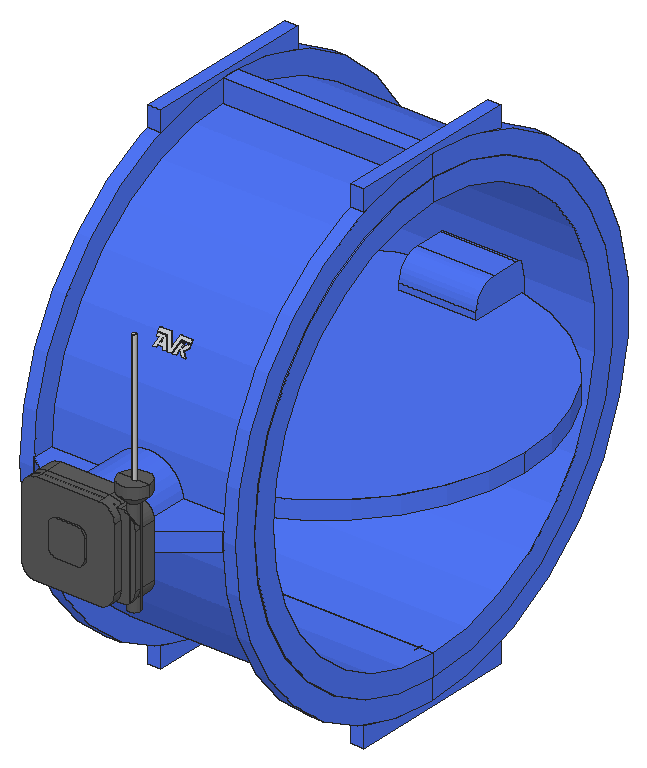
Revit family "756-106-025 DN150-1200", category Pipe Accessories, Revit 2022
Family settings
  Round Connector Dimension = Use Diameter
  Part Type = Valve - Breaks Into
  Work Plane-Based = No
  Always vertical = Yes
  Cut with Voids When Loaded = No
  Shared = No
Parameters (values of type "DN1200_ PN16")
  stem = FL_T * 0.2  # 9 mm
  shat_T = W2 * 0.9  # 860.4 mm
  shaft_dim2 = shaft1 * 1.1  # 138.061 mm
  shaft1 = Shaft_R * 1.1  # 125.51 mm
  hand__wheel1 = W5 - (disk_T / 2)  # 577.5 mm
  fillet = size_lookup(Search_table, "fillet", 0 mm, DN)  # 68.406 mm
  disk_T = FL_T * 0.6  # 27 mm
  dim1 = disk_T + Raised_dis  # 32 mm
  W5_dim4 = W5 * 0.85  # 502.35 mm
  W5_dim3 = W5_dim2 * 0.85  # 149.449 mm
  W5_dim2 = W5_dim1 * 0.85  # 175.822 mm
  W5_dim1 = W5 * 0.35  # 206.85 mm
  W5 = size_lookup(Search_table, "W5", 0 mm, DN)  # 591 mm
  W4 = size_lookup(Search_table, "W4", 0 mm, DN) / 2  # 496.5 mm
  W3 = size_lookup(Search_table, "W3", 0 mm, DN) / 2  # 493 mm
  W2_dim1 = W2 * 0.85  # 812.6 mm
  W2 = size_lookup(Search_table, "W2", 0 mm, DN)  # 956 mm
  W1 = size_lookup(Search_table, "W1", 0 mm, DN)  # 743 mm
  URL product pages = "https://www.avkvalves.com/P.aspx?no=7560150114006047"
  Stem_dia = 0 mm
  Shaft_R = L * 0.35  # 114.1 mm
  Search_table = "756-106-025 DN150-1200"
  Rib_W = OD * 0.35  # 254.625 mm
  Rib = L * 0.55  # 179.3 mm
  Raised_dis = size_lookup(Search_table, "Raised_dis", 0 mm, DN)  # 5 mm
  Raised_Dia = size_lookup(Search_table, "Raised_Dia", 0 mm, DN) / 2  # 664 mm
  OD = size_lookup(Search_table, "OD", 0 mm, DN) / 2  # 727.5 mm
  Offset = size_lookup(Search_table, "Offset", 0 mm, DN) / 2  # 3 mm
  L2 = size_lookup(Search_table, "L2", 0 mm, DN)  # 275 mm
  L1 = size_lookup(Search_table, "L1", 0 mm, DN)  # 269 mm
  L = size_lookup(Search_table, "L", 0 mm, DN) / 2  # 326 mm
  Inside_R = Bore * 0.7  # 420.035 mm
  Hw = stem * 2  # 18 mm
  HW = stem * 1.1  # 9.9 mm
  H2 = size_lookup(Search_table, "H2", 0 mm, DN)  # 855 mm
  FL_T = size_lookup(Search_table, "FL_T", 0 mm, DN)  # 45 mm
  FL_OD = W1 * 0.98  # 728.14 mm
  Description_ = "AVK DOUBLE ECCENTRIC BUTTERFLY VALVE, PN10/16"
  Default Elevation = 0 mm
  DN900_PN16 = "756-0900-1-14006047"
  DN900_PN10 = "756-0900-1-04006047"
  DN800_PN16 = "756-0800-1-14006047"
  DN800_PN10 = "756-0800-1-04006047"
  DN700_PN16 = "756-0700-1-14006047"
  DN700_PN10 = "756-0700-1-04006047"
  DN600_PN16 = "756-0600-1-14006047"
  DN600_PN10 = "756-0600-1-04006047"
  DN500_PN16 = "756-0500-1-14006047"
  DN450_PN16 = "756-0450-1-14006047"
  DN400_PN16 = "756-0400-1-14006047"
  DN400_PN10 = "756-0400-1-04006047"
  DN350_PN16 = "756-0350-1-14006047"
  DN350_PN10 = "756-0350-1-04006047"
  DN300_PN16 = "756-0300-1-14006047"
  DN300_PN10 = "756-0300-1-04006047\r\n756-0300-1-14006047"
  DN250_PN16 = "756-0250-1-14006047"
  DN250_PN10 = "756-0250-1-04006047"
  DN200_PN16 = "756-0200-1-14006047\r\n 756-0200-1-14006047\r\n756-0200-1-14006047"
  DN200_PN10 = "756-0200-1-04006047"
  DN150_PN10/16 = "756-0150-1-14006047"
  DN1400_PN16 = "756-1400-1-14006047"
  DN1400_PN10 = "756-1400-1-04006047"
  DN1200_PN16 = "756-1200-1-14006047"
  DN1200_PN10 = "756-1200-1-04006047"
  DN1000_PN16 = "756-1000-1-14006047"
  DN1000_PN10 = "756-1000-1-04006047\r\n 756-1000-1-04006047\r\n 756-1000-1-04006047\r\n756-1000-1-04006047"
  DN = 1200.1 mm
  DN500_PN10 = "756-0500-1-04006047"
  DN450_PN10 = "756-0450-1-04006047"
  D1. = 12.3 mm / 2  # 6.15 mm
  D1 = size_lookup(Search_table, "D1", 0 mm, DN) / 2  # 6.15 mm
  Bore = size_lookup(Search_table, "Bore", 0 mm, DN)  # 600.05 mm
  5 = 5 mm  # constant formula
  1 = 1 mm  # constant formula
  0 = 0 mm  # constant formula
  .5 = 0.3 mm  # constant formula
Types (30, lengths in mm): name | stem | shat_T | shaft_dim2 | shaft1 | hand__wheel1 | fillet | disk_T | dim1 | W5_dim4 | W5_dim3 | W5_dim2 | W5_dim1 | W5 | W4 | W3 | W2_dim1 | W2 | W1 | Shaft_R | Rib_W | Rib | Raised_dis | Raised_Dia | OD | Offset | L2 | L1 | L | Inside_R | Hw | HW | H2 | FL_T | FL_OD | DN | Bore
  (no name) | 9 | 860.4 | 138.061 | 125.51 | 577.5 | 68.406 | 27 | 32 | 502.35 | 149.449 | 175.822 | 206.85 | 591 | 496.5 | 493 | 812.6 | 956 | 743 | 114.1 | 254.625 | 179.3 | 5 | 664 | 727.5 | 3 | 275 | 269 | 326 | 420.035 | 18 | 9.9 | 855 | 45 | 728.14 | 1200.1 | 600.05
  DN0150_PN10/16 | 3.8 | 204.3 | 44.468 | 40.425 | 172.3 | 5.7 | 11.4 | 14.4 | 151.3 | 45.012 | 52.955 | 62.3 | 178 | 0.25 | 0.25 | 192.95 | 227 | 155 | 36.75 | 49.875 | 57.75 | 3 | 105.5 | 142.5 | 0 | 0.5 | 0.5 | 105 | 52.5 | 7.6 | 4.18 | 200 | 19 | 151.9 | 150 | 75
  DN0200_PN10 | 4 | 251.1 | 48.703 | 44.275 | 172 | 5.7 | 12 | 15 | 151.3 | 45.012 | 52.955 | 62.3 | 178 | 0.25 | 0.25 | 237.15 | 279 | 182 | 40.25 | 59.5 | 63.25 | 3 | 133 | 170 | 0 | 0.5 | 0.5 | 115 | 70 | 8 | 4.4 | 227 | 20 | 178.36 | 200 | 100
  DN0200_PN16 | 4 | 251.1 | 48.703 | 44.275 | 172 | 5.719 | 12 | 15 | 151.3 | 45.012 | 52.955 | 62.3 | 178 | 0.25 | 0.25 | 237.15 | 279 | 182 | 40.25 | 59.5 | 63.25 | 3 | 133 | 170 | 0 | 0.5 | 0.5 | 115 | 70.035 | 8 | 4.4 | 227 | 20 | 178.36 | 200.1 | 100.05
  DN0250_ PN10 | 4.4 | 281.7 | 52.938 | 48.125 | 171.4 | 11.4 | 13.2 | 16.2 | 151.3 | 45.012 | 52.955 | 62.3 | 178 | 3 | 0.25 | 266.05 | 313 | 215 | 43.75 | 69.125 | 68.75 | 3 | 159.5 | 197.5 | 0.25 | 1 | 0.5 | 125 | 87.5 | 8.8 | 4.84 | 261 | 22 | 210.7 | 250 | 125
  DN0250_ PN16 | 4.4 | 281.7 | 52.938 | 48.125 | 171.4 | 11.419 | 13.2 | 16.2 | 151.3 | 45.012 | 52.955 | 62.3 | 178 | 3 | 0.25 | 266.05 | 313 | 215 | 43.75 | 69.125 | 68.75 | 3 | 159.5 | 197.5 | 0.25 | 1 | 0.5 | 125 | 87.535 | 8.8 | 4.84 | 261 | 22 | 210.7 | 250.1 | 125.05
  DN0300_ PN10 | 4.9 | 308.7 | 57.172 | 51.975 | 170.65 | 13.3 | 14.7 | 18.7 | 151.3 | 45.012 | 52.955 | 62.3 | 178 | 52 | 3 | 291.55 | 343 | 242 | 47.25 | 77.875 | 74.25 | 4 | 185 | 222.5 | 5.5 | 12 | 1 | 135 | 105 | 9.8 | 5.39 | 292 | 24.5 | 237.16 | 300 | 150
  DN0300_ PN16 | 4.9 | 308.7 | 57.172 | 51.975 | 181.65 | 13.319 | 14.7 | 18.7 | 160.65 | 47.793 | 56.227 | 66.15 | 189 | 52 | 3 | 291.55 | 343 | 242 | 47.25 | 77.875 | 74.25 | 4 | 185 | 222.5 | 5.5 | 12 | 1 | 135 | 105.035 | 9.8 | 5.39 | 292 | 24.5 | 237.16 | 300.1 | 150.05
  DN0350_ PN10 | 4.9 | 332.1 | 61.408 | 55.825 | 170.65 | 17.1 | 14.7 | 18.7 | 151.3 | 45.012 | 52.955 | 62.3 | 178 | 86.5 | 75.5 | 313.65 | 369 | 272 | 50.75 | 88.375 | 79.75 | 4 | 214.5 | 252.5 | 3 | 26 | 20 | 145 | 122.5 | 9.8 | 5.39 | 318 | 24.5 | 266.56 | 350 | 175
  DN0350_ PN16 | 4.9 | 332.1 | 61.408 | 55.825 | 181.65 | 17.119 | 14.7 | 18.7 | 160.65 | 47.793 | 56.227 | 66.15 | 189 | 86.5 | 75.5 | 313.65 | 369 | 272 | 50.75 | 88.375 | 79.75 | 4 | 214.5 | 252.5 | 3 | 26 | 20 | 145 | 122.535 | 9.8 | 5.39 | 318 | 24.5 | 266.56 | 350.1 | 175.05
  DN0400_ PN10 | 4.9 | 362.7 | 65.642 | 59.675 | 181.65 | 19 | 14.7 | 18.7 | 160.65 | 47.793 | 56.227 | 66.15 | 189 | 116 | 107.5 | 342.55 | 403 | 302 | 54.25 | 98.875 | 85.25 | 4 | 240 | 282.5 | 3 | 41 | 35 | 155 | 140 | 9.8 | 5.39 | 349 | 24.5 | 295.96 | 400 | 200
  DN0400_ PN16 | 4.9 | 362.7 | 65.642 | 59.675 | 181.65 | 19.019 | 14.7 | 18.7 | 160.65 | 47.793 | 56.227 | 66.15 | 189 | 116 | 107.5 | 342.55 | 403 | 302 | 54.25 | 98.875 | 85.25 | 4 | 240 | 282.5 | 3 | 41 | 35 | 155 | 140.035 | 9.8 | 5.39 | 349 | 24.5 | 295.96 | 400.1 | 200.05
  DN0450_ PN10 | 5.1 | 396 | 69.878 | 63.525 | 181.35 | 24.7 | 15.3 | 19.3 | 160.65 | 47.793 | 56.227 | 66.15 | 189 | 142 | 133.5 | 374 | 440 | 332 | 57.75 | 107.625 | 90.75 | 4 | 265 | 307.5 | 3.5 | 55 | 48 | 165 | 157.5 | 10.2 | 5.61 | 390 | 25.5 | 325.36 | 450 | 225
  DN0450_ PN16 | 5.1 | 396 | 69.878 | 63.525 | 197.35 | 24.719 | 15.3 | 19.3 | 174.25 | 51.839 | 60.987 | 71.75 | 205 | 142 | 133.5 | 374 | 440 | 332 | 57.75 | 107.625 | 90.75 | 4 | 274 | 307.5 | 3.5 | 55 | 48 | 165 | 157.535 | 10.2 | 5.61 | 390 | 25.5 | 325.36 | 450.1 | 225.05
  DN0500_ PN10 | 5.3 | 421.2 | 74.113 | 67.375 | 181.05 | 28.5 | 15.9 | 19.9 | 160.65 | 47.793 | 56.227 | 66.15 | 189 | 167.5 | 161 | 397.8 | 468 | 338 | 61.25 | 117.25 | 96.25 | 4 | 291 | 335 | 3 | 69 | 63 | 175 | 175 | 10.6 | 5.83 | 418 | 26.5 | 331.24 | 500 | 250
  DN0500_ PN16 | 5.3 | 429.3 | 74.113 | 67.375 | 197.05 | 28.506 | 15.9 | 19.9 | 174.25 | 51.839 | 60.987 | 71.75 | 205 | 167.5 | 161 | 405.45 | 477 | 370 | 61.25 | 117.25 | 96.25 | 4 | 304.5 | 335 | 3 | 69 | 63 | 175 | 175.035 | 10.6 | 5.83 | 427 | 26.5 | 362.6 | 500.1 | 250.05
  DN0600_ PN10 | 6 | 482.4 | 82.583 | 75.075 | 196 | 34.2 | 18 | 23 | 174.25 | 51.839 | 60.987 | 71.75 | 205 | 218.5 | 213 | 455.6 | 536 | 393 | 68.25 | 136.5 | 107.25 | 5 | 341 | 390 | 3 | 100 | 94 | 195 | 210 | 12 | 6.6 | 481 | 30 | 385.14 | 600 | 300
  DN0600_ PN16 | 6 | 500.4 | 82.583 | 75.075 | 275 | 34.206 | 18 | 23 | 241.4 | 71.817 | 84.49 | 99.4 | 284 | 218.5 | 213 | 472.6 | 556 | 435 | 68.25 | 136.5 | 107.25 | 5 | 360 | 390 | 3 | 100 | 94 | 195 | 210.035 | 12 | 6.6 | 503 | 30 | 426.3 | 600.1 | 300.05
  DN0700_ PN10 | 6.5 | 576.9 | 91.053 | 82.775 | 386.25 | 39.9 | 19.5 | 24.5 | 336.6 | 100.138 | 117.81 | 138.6 | 396 | 271.5 | 266.5 | 544.85 | 641 | 448 | 75.25 | 156.625 | 118.25 | 5 | 397 | 447.5 | 3 | 133 | 127 | 215 | 245 | 13 | 7.15 | 550 | 32.5 | 439.04 | 700 | 350
  DN0700_ PN16 | 6.5 | 576.9 | 91.053 | 82.775 | 507.25 | 39.906 | 19.5 | 24.5 | 439.45 | 130.736 | 153.808 | 180.95 | 517 | 271.5 | 266.5 | 544.85 | 641 | 455 | 75.25 | 156.625 | 118.25 | 5 | 397 | 447.5 | 3 | 133 | 127 | 215 | 245.035 | 13 | 7.15 | 550 | 32.5 | 445.9 | 700.1 | 350.05
  DN0800_ PN10 | 7 | 639.9 | 99.523 | 90.475 | 385.5 | 45.6 | 21 | 26 | 336.6 | 100.138 | 117.81 | 138.6 | 396 | 318 | 313.5 | 604.35 | 711 | 508 | 82.25 | 176.575 | 129.25 | 5 | 450.5 | 504.5 | 3 | 162 | 156 | 235 | 280 | 14 | 7.7 | 620 | 35 | 497.84 | 800 | 400
  DN0800_ PN16 | 7 | 639.9 | 99.523 | 90.475 | 506.5 | 45.606 | 21 | 26 | 439.45 | 130.736 | 153.808 | 180.95 | 517 | 318 | 313.5 | 604.35 | 711 | 513 | 82.25 | 175.7 | 129.25 | 5 | 450.5 | 502 | 3 | 162 | 156 | 235 | 280.035 | 14 | 7.7 | 620 | 35 | 502.74 | 800.1 | 400.05
  DN0900_ PN10 | 7.5 | 711.9 | 107.993 | 98.175 | 505.75 | 51.3 | 22.5 | 27.5 | 439.45 | 130.736 | 153.808 | 180.95 | 517 | 365 | 361 | 672.35 | 791 | 558 | 89.25 | 195.125 | 140.25 | 5 | 500.5 | 557.5 | 3 | 192 | 186 | 255 | 315 | 15 | 8.25 | 690 | 37.5 | 546.84 | 900 | 450
  DN0900_ PN16 | 7.5 | 711.9 | 107.993 | 98.175 | 558.75 | 51.306 | 22.5 | 27.5 | 484.5 | 144.139 | 169.575 | 199.5 | 570 | 365 | 361 | 672.35 | 791 | 563 | 89.25 | 195.125 | 140.25 | 5 | 500.5 | 557.5 | 3 | 192 | 186 | 255 | 315.035 | 15 | 8.25 | 690 | 37.5 | 551.74 | 900.1 | 450.05
  DN1000_ PN10 | 8 | 783.9 | 116.463 | 105.875 | 518 | 57 | 24 | 29 | 450.5 | 134.024 | 157.675 | 185.5 | 530 | 412 | 408 | 740.35 | 871 | 615 | 96.25 | 214.375 | 151.25 | 5 | 556 | 612.5 | 3 | 222 | 216 | 275 | 350 | 16 | 8.8 | 770 | 40 | 602.7 | 1000 | 500
  DN1000_ PN16 | 8 | 783.9 | 116.463 | 105.875 | 558 | 57.006 | 24 | 29 | 484.5 | 144.139 | 169.575 | 199.5 | 570 | 412 | 408 | 740.35 | 871 | 628 | 96.25 | 214.375 | 151.25 | 5 | 556 | 612.5 | 3 | 222 | 216 | 275 | 350.035 | 16 | 8.8 | 770 | 40 | 615.44 | 1000.1 | 500.05
  DN1200_ PN10 | 9 | 860.4 | 133.403 | 121.275 | 556.5 | 68.4 | 27 | 32 | 484.5 | 144.139 | 169.575 | 199.5 | 570 | 496.5 | 493 | 812.6 | 956 | 728 | 110.25 | 254.625 | 173.25 | 5 | 664 | 727.5 | 3 | 275 | 269 | 315 | 420 | 18 | 9.9 | 855 | 45 | 713.44 | 1200 | 600
  DN1200_ PN16 | 9 | 860.4 | 138.061 | 125.51 | 577.5 | 68.406 | 27 | 32 | 502.35 | 149.449 | 175.822 | 206.85 | 591 | 496.5 | 493 | 812.6 | 956 | 743 | 114.1 | 254.625 | 179.3 | 5 | 664 | 727.5 | 3 | 275 | 269 | 326 | 420.035 | 18 | 9.9 | 855 | 45 | 728.14 | 1200.1 | 600.05
  DN1400_ PN10 | 9.2 | 963.9 | 150.343 | 136.675 | 556.2 | 79.8 | 27.6 | 32.6 | 484.5 | 144.139 | 169.575 | 199.5 | 570 | 594.5 | 591 | 910.35 | 1071 | 838 | 124.25 | 293.125 | 195.25 | 5 | 765 | 837.5 | 3 | 339 | 333 | 355 | 490 | 18.4 | 10.12 | 970 | 46 | 821.24 | 1400 | 700
  DN1400_ PN16 | 9.2 | 1007.1 | 150.343 | 136.675 | 577.2 | 79.806 | 27.6 | 32.6 | 502.35 | 149.449 | 175.822 | 206.85 | 591 | 594.5 | 591 | 951.15 | 1119 | 843 | 124.25 | 293.125 | 195.25 | 5 | 765 | 837.5 | 3 | 339 | 333 | 355 | 490.035 | 18.4 | 10.12 | 970 | 46 | 826.14 | 1400.1 | 700.05
Reference planes
  plane 1 "Center (Front/Back)": y = 0
  plane 2: z = 0
  plane 3 "Center (Left/Right)": x = 0
  plane 4: z = 728.14
  plane 5: z = -728.14
  plane 6: x = -326
  plane 7: x = 326
  plane 8: x = -601
  plane 9: x = 595
  plane 10: z = 493
  plane 11: z = -493
  plane 12: z = 496.5
  plane 13: z = -496.5
  plane 14: z = 600.05
  plane 15: y = -956
  plane 16: x = -201.023
  plane 17: z = -1281.419
  plane 18: y = 855
  plane 19: y = 855
  plane 20: y = -929
  plane 21: z = 591
  plane 22: y = 493
  plane 23: y = 496.5
  plane 24: y = -493
  plane 25: y = -496.5
  plane 26: z = 591
  plane 27: y = -911
  plane 28: x = 138.061
  plane 29: x = 165.061
  plane 30: x = 165.061
  plane 31: x = 158.911
  plane 32: x = 171.211
  plane 33: z = 743
  plane 34: z = -743
  plane 35: y = -904.85
  plane 36: y = -917.15
Forms (mm)
  Revolve 1, solid, material "Plastic"
    sketch origin (0, 0, 0) x (1, 0, 0) y (0, 0, 1)
      loop
        line (-326, 664) -> (-326, 600.05) -> (326, 600.05) -> (326, 664) -> (321, 664) -> (321, 728.14) -> (281, 728.14) -> (281, 664) -> (-281, 664) -> (-281, 728.14) -> (-321, 728.14) -> (-321, 664) -> (-326, 664)
      axis (-326, 0) -> (326, 0)
    angle from 0 to 360
  Extrusion 2, solid, material "Plastic"
    sketch origin (0, 0, 0) x (0, 1, 0) y (0, 0, 1)
      loop
        arc (-254.625, 682.169) -> (-129.371, 716.555) -> (0, 728.14) r 728.14
        arc (0, 728.14) -> (129.371, 716.555) -> (254.625, 682.169) r 728.14
        line (254.625, 682.169) -> (254.625, 743) -> (-254.625, 743) -> (-254.625, 682.169)
      loop
        arc (0, -728.14) -> (-129.371, -716.555) -> (-254.625, -682.169) r 728.14
        line (-254.625, -682.169) -> (-254.625, -743) -> (254.625, -743) -> (254.625, -682.169)
        arc (254.625, -682.169) -> (129.371, -716.555) -> (0, -728.14) r 728.14
    from -321 to -281
  Extrusion 3, solid, material "Plastic"
    sketch origin (0, 0, 0) x (1, 0, 0) y (0, 0, 1)
      loop
        line (-281, 727.5) -> (-281, 600.05) -> (281, 600.05) -> (281, 727.5) -> (-281, 727.5)
      loop
        line (-281, -727.5) -> (281, -727.5) -> (281, -600.05) -> (-281, -600.05) -> (-281, -727.5)
    from -27 to 27
  Extrusion 4, solid, material "Plastic"
    sketch origin (0, 0, 0) x (1, 0, 0) y (0, 1, 0)
      loop
        circle (-3, 0) r 598
    from -27 to 27
  Revolve 5, solid, material "Plastic"
    sketch origin (0, 0, 0) x (1, 0, 0) y (0, 1, 0)
      loop
        line (0, 855) -> (0, 600.05) -> (114.1, 600.05) -> (114.1, 855) -> (0, 855)
      axis (0, 600.05) -> (0, 855)
    angle from 0 to 360
  Revolve 6, solid, material "Plastic"
    sketch origin (0, 0, 0) x (1, 0, 0) y (0, 1, 0)
      loop
        line (0, 600.05) -> (138.061, 600.05) -> (138.061, 810) -> (114.1, 810) -> (114.1, 828) -> (125.51, 828) -> (125.51, 850) -> (0, 850) -> (0, 600.05)
      loop
        line (0, -600.05) -> (0, -860.4) -> (114.1, -860.4) -> (114.1, -600.05) -> (0, -600.05)
      axis (0, -860.4) -> (0, 850)
    angle from 0 to 360
  Extrusion 7, solid, material "Default Wall"
    sketch origin (0, 0, 0) x (1, 0, 0) y (0, 0, 1)
      loop
        arc (-93.061, 138.061) -> (-124.881, 124.881) -> (-138.061, 93.061) r 45
        line (-138.061, 93.061) -> (-138.061, -93.061)
        arc (-138.061, -93.061) -> (-124.881, -124.881) -> (-93.061, -138.061) r 45
        line (-93.061, -138.061) -> (93.061, -138.061)
        arc (93.061, -138.061) -> (124.881, -124.881) -> (138.061, -93.061) r 45
        line (138.061, -93.061) -> (138.061, 93.061)
        arc (138.061, 93.061) -> (124.881, 124.881) -> (93.061, 138.061) r 45
        line (93.061, 138.061) -> (-93.061, 138.061)
    from 860.4 to 929
  Extrusion 8, solid, material "Default Wall"
    sketch origin (0, 0, 0) x (1, 0, 0) y (0, 0, 1)
      loop
        arc (-27, 54) -> (-46.092, 46.092) -> (-54, 27) r 27
        line (-54, 27) -> (-54, -27)
        arc (-54, -27) -> (-46.092, -46.092) -> (-27, -54) r 27
        line (-27, -54) -> (27, -54)
        arc (27, -54) -> (46.092, -46.092) -> (54, -27) r 27
        line (54, -27) -> (54, 27)
        arc (54, 27) -> (46.092, 46.092) -> (27, 54) r 27
        line (27, 54) -> (-27, 54)
    from 929 to 956
  Extrusion 9, solid, material "Plastic"
    sketch origin (0, 0, 0) x (0, 1, 0) y (0, 0, 1)
      loop
        arc (488.441, 114.1) -> (440.071, 94.064) -> (420.035, 45.694) r 68.406
        line (420.035, 45.694) -> (420.035, 0) -> (600.05, 0) -> (600.05, 87.1)
        arc (600.05, 87.1) -> (592.142, 106.192) -> (573.05, 114.1) r 27
        line (573.05, 114.1) -> (488.441, 114.1)
      loop
        line (-488.441, 114.1) -> (-573.05, 114.1)
        arc (-573.05, 114.1) -> (-592.142, 106.192) -> (-600.05, 87.1) r 27
        line (-600.05, 87.1) -> (-600.05, 0) -> (-420.035, 0) -> (-420.035, 45.694)
        arc (-420.035, 45.694) -> (-440.071, 94.064) -> (-488.441, 114.1) r 68.406
    from -114.1 to 114.1
  Extrusion 10, solid, material "Plastic"
    sketch origin (0, 0, 0) x (1, 0, 0) y (0, 1, 0)
      loop
        line (0, 810) -> (-114.1, 810) -> (-281, 727.5) -> (-281, 600.05) -> (281, 600.05) -> (281, 727.5) -> (114.1, 810) -> (0, 810)
      loop
        line (-114.1, -860.4) -> (114.1, -860.4) -> (281, -727.5) -> (281, -600.05) -> (-281, -600.05) -> (-281, -727.5) -> (-114.1, -860.4)
    from -27 to 27
  Revolve 11, solid, material "Default Wall"
    sketch origin (-1588.818, -911, 1200) x (-1, 0, 0) y (0, 0, 1)
      loop
        line (-1753.879, -1050.551) -> (-1735.879, -1050.551) -> (-1708.879, -1024.178) -> (-1708.879, -993.15) -> (-1753.879, -993.15) -> (-1753.879, -1050.551)
      axis (-1753.879, -1050.551) -> (-1753.879, -993.15)
    angle from 0 to 360
  Extrusion 12, solid, material "Default Wall"
    sketch origin (-1588.818, -911, 1200) x (-1, 0, 0) y (0, 0, 1)
      loop
        line (-1588.818, -1074.49) -> (-1726.879, -1074.49)
        arc (-1726.879, -1074.49) -> (-1758.699, -1087.67) -> (-1771.879, -1119.49) r 45
        line (-1771.879, -1119.49) -> (-1771.879, -1280.51)
        arc (-1771.879, -1280.51) -> (-1758.699, -1312.33) -> (-1726.879, -1325.51) r 45
        line (-1726.879, -1325.51) -> (-1588.818, -1325.51) -> (-1588.818, -1074.49)
    from -18 to 50.6
  Revolve 13, solid, material "Default Wall"
    sketch origin (-1588.818, -911, 1200) x (-1, 0, 0) y (0, 0, 1)
      loop
        line (-1753.879, -1050.551) -> (-1771.879, -1050.551) -> (-1771.879, -1338.061) -> (-1753.879, -1338.061) -> (-1753.879, -1050.551)
      axis (-1753.879, -1050.551) -> (-1753.879, -1338.061)
    angle from 0 to 360
  Revolve 14, solid, material "Poche"
    sketch origin (165.061, -1680.209, 1108.067) x (0, 0, 1) y (0, -1, 0)
      loop
        line (-1107.067, -769.209) -> (-517.067, -769.209) -> (-517.067, -763.059) -> (-1107.067, -763.059) -> (-1107.067, -769.209)
      axis (-517.067, -769.209) -> (-1107.067, -769.209)
    angle from 0 to 360
  Extrusion 15, solid, material "Plastic"
    sketch origin (0, 0, 0) x (0, 1, 0) y (0, 0, 1)
      loop
        line (254.625, 682.169) -> (254.625, 743) -> (-254.625, 743) -> (-254.625, 682.169)
        arc (-254.625, 682.169) -> (-129.371, 716.555) -> (0, 728.14) r 728.14
        arc (0, 728.14) -> (129.371, 716.555) -> (254.625, 682.169) r 728.14
      loop
        arc (254.625, -682.169) -> (129.371, -716.555) -> (0, -728.14) r 728.14
        arc (0, -728.14) -> (-129.371, -716.555) -> (-254.625, -682.169) r 728.14
        line (-254.625, -682.169) -> (-254.625, -743) -> (254.625, -743) -> (254.625, -682.169)
    from 321 to 281
  Extrusion 16, solid, material "Default Wall"
    sketch origin (-1588.818, -911, 1200) x (-1, 0, 0) y (0, 0, 1)
      loop
        line (-1495.757, -1061.939) -> (-1681.879, -1061.939)
        arc (-1681.879, -1061.939) -> (-1713.699, -1075.119) -> (-1726.879, -1106.939) r 45
        line (-1726.879, -1106.939) -> (-1726.879, -1293.061)
        arc (-1726.879, -1293.061) -> (-1713.699, -1324.881) -> (-1681.879, -1338.061) r 45
        line (-1681.879, -1338.061) -> (-1495.757, -1338.061)
        arc (-1495.757, -1338.061) -> (-1463.937, -1324.881) -> (-1450.757, -1293.061) r 45
        line (-1450.757, -1293.061) -> (-1450.757, -1106.939)
        arc (-1450.757, -1106.939) -> (-1463.937, -1075.119) -> (-1495.757, -1061.939) r 45
    from 0 to -40
Dimensions and locks
  equal spacing: plane 4, level, plane 5
  equal spacing: plane 7, plane 3 "Center (Left/Right)", plane 6
  "L": plane 3 "Center (Left/Right)" to plane 6
  "FL_OD": plane 4 to level
  "Raised_dis": Revolve 1 sketch curve to plane 6
  equal spacing: Revolve 1 sketch curve, plane 3 "Center (Left/Right)", Revolve 1 sketch curve  (x2)
  "FL_T": plane 7 to Revolve 1 sketch curve
  "Raised_dis": Extrusion 2 to plane 6
  "FL_T": Extrusion 2 to plane 6
  equal spacing: plane 10, level, plane 11
  "W3": plane 10 to level
  plane 10 to plane 11 = 986 mm  (x2)
  "L2": plane 6 to plane 8
  "L1": plane 9 to plane 7
  equal spacing: plane 12, level, plane 13
  "W4": plane 12 to level
  plane 12 to plane 13 = 993 mm
  "Bore": plane 14 to level
  "Bore": Revolve 1 sketch curve to Revolve 1 sketch curve
  plane 7 to plane 6 = 652 mm
  equal spacing: Extrusion 3 sketch curve, plane 2, Extrusion 3 sketch curve  (x2)
  equal spacing: Extrusion 3 sketch curve, plane 3 "Center (Left/Right)", Extrusion 3 sketch curve
  "Bore": Extrusion 3 sketch curve to plane 2
  "OD": Extrusion 3 sketch curve to plane 2
  "FL_T": Extrusion 3 sketch curve to plane 6
  equal spacing: Extrusion 3, plane 1 "Center (Front/Back)", Extrusion 3
  "disk_T": Extrusion 3 to plane 1 "Center (Front/Back)"
  Extrusion 4 sketch curve to plane 6 = 275 mm
  equal spacing: Extrusion 4, level, Extrusion 4
  "disk_T": Extrusion 4 to level
  "Bore": plane 1 "Center (Front/Back)" to Revolve 5 sketch curve
  "Shaft_R": plane 3 "Center (Left/Right)" to Revolve 5 sketch curve
  "Raised_Dia": Revolve 1 sketch curve to level
  equal spacing: Extrusion 7 sketch curve, plane 3 "Center (Left/Right)", Extrusion 7 sketch curve
  equal spacing: Extrusion 7 sketch curve, level, Extrusion 7 sketch curve
  "shaft_dim2": plane 3 "Center (Left/Right)" to Extrusion 7 sketch curve
  "shaft_dim2": level to Extrusion 7 sketch curve
  equal spacing: Extrusion 8 sketch curve, plane 3 "Center (Left/Right)", Extrusion 8 sketch curve
  equal spacing: Extrusion 8 sketch curve, level, Extrusion 8 sketch curve
  "disk_T": plane 3 "Center (Left/Right)" to Extrusion 8 sketch curve
  "disk_T": Extrusion 8 sketch curve to level
  "H2": plane 1 "Center (Front/Back)" to plane 19
  "shaft1": plane 3 "Center (Left/Right)" to Revolve 6 sketch curve
  "disk_T": plane 19 to Revolve 6 sketch curve
  "FL_T": plane 19 to Revolve 6 sketch curve
  "shaft_dim2": plane 3 "Center (Left/Right)" to Revolve 6 sketch curve
  "Bore": plane 1 "Center (Front/Back)" to Revolve 6 sketch curve
  "Shaft_R": plane 3 "Center (Left/Right)" to Revolve 6 sketch curve  (x2)
  "W2": plane 15 to plane 1 "Center (Front/Back)"
  "disk_T": Extrusion 7 to plane 15
  "disk_T": plane 20 to plane 15
  plane 1 "Center (Front/Back)" to plane 15 = 956 mm
  "shat_T": plane 1 "Center (Front/Back)" to Extrusion 7
  "H2": plane 1 "Center (Front/Back)" to plane 18
  plane 7 to plane 9 = 269 mm  (x2)
  "Bore": Revolve 6 sketch curve to plane 1 "Center (Front/Back)"
  "shat_T": Revolve 6 to plane 1 "Center (Front/Back)"
  "W5": plane 21 to level
  equal spacing: plane 25, plane 1 "Center (Front/Back)", plane 23
  equal spacing: plane 24, plane 1 "Center (Front/Back)", plane 22
  "W4": plane 1 "Center (Front/Back)" to plane 23
  "W3": plane 1 "Center (Front/Back)" to plane 22
  plane 8 to plane 6 = 275 mm  (x2)
  equal spacing: Extrusion 9 sketch curve, plane 1 "Center (Front/Back)", Extrusion 9 sketch curve  (x2)
  "Inside_R": Extrusion 9 sketch curve to plane 1 "Center (Front/Back)"
  "Bore": Extrusion 9 sketch curve to plane 1 "Center (Front/Back)"
  "Shaft_R": Extrusion 9 sketch curve to level
  equal spacing: Extrusion 9, plane 3 "Center (Left/Right)", Extrusion 9
  "Shaft_R": plane 3 "Center (Left/Right)" to Extrusion 9
  "W5": plane 26 to level
  "FL_T": plane 27 to plane 15
  "FL_T": plane 18 to Extrusion 10 sketch curve
  equal spacing: Extrusion 10 sketch curve, plane 3 "Center (Left/Right)", Extrusion 10 sketch curve  (x4)
  "Shaft_R": Extrusion 10 sketch curve to plane 3 "Center (Left/Right)"  (x2)
  "shat_T": Extrusion 10 sketch curve to plane 1 "Center (Front/Back)"
  equal spacing: Extrusion 10 sketch curve, plane 1 "Center (Front/Back)", Extrusion 10 sketch curve
  "Bore": plane 1 "Center (Front/Back)" to Extrusion 10 sketch curve
  "0": Extrusion 4 sketch curve to plane 1 "Center (Front/Back)"
  "Offset": Extrusion 4 sketch curve to plane 3 "Center (Left/Right)"
  "L1": plane 7 to Extrusion 4 sketch curve
  equal spacing: Extrusion 10, level, Extrusion 10
  "disk_T": Extrusion 10 to level
  plane 6 to plane 7 = 652 mm
  "shaft_dim2": plane 3 "Center (Left/Right)" to plane 28
  "W5_dim1": Revolve 11 sketch curve to level
  "W5_dim2": Revolve 11 sketch curve to level
  "disk_T": plane 29 to plane 28
  "FL_T": plane 29 to Revolve 11 sketch curve
  "shaft1": Extrusion 12 sketch curve to level
  equal spacing: Extrusion 12 sketch curve, level, Extrusion 12 sketch curve
  "FL_T": Extrusion 12 sketch curve to plane 28
  "shat_T": Extrusion 12 to plane 1 "Center (Front/Back)"
  "disk_T": plane 15 to Extrusion 12
  "disk_T": plane 30 to plane 28
  plane 26 to level = 591 mm
  "Hw": plane 30 to Revolve 11 sketch curve
  "W5_dim3": Revolve 11 sketch curve to plane 2
  "W5_dim3": Revolve 13 sketch curve to level
  "Hw": Revolve 13 sketch curve to plane 30
  "shaft_dim2": level to Revolve 13 sketch curve
  "FL_T": Extrusion 10 sketch curve to plane 7
  "OD": plane 1 "Center (Front/Back)" to Extrusion 10 sketch curve  (x2)
  "FL_T": plane 6 to Extrusion 10 sketch curve
  "OD": Extrusion 10 sketch curve to plane 1 "Center (Front/Back)"  (x2)
  plane 23 to plane 25 = 993 mm
  plane 22 to plane 24 = 986 mm
  "D1": plane 31 to plane 30
  "D1": plane 30 to plane 32
  plane 31 to plane 32 = 12.3 mm
  plane 1 "Center (Front/Back)" to plane 18 = 855 mm
  plane 15 to plane 1 "Center (Front/Back)" = 956 mm
  equal spacing: Extrusion 2 sketch curve, plane 1 "Center (Front/Back)", Extrusion 2 sketch curve  (x2)
  "W1": Extrusion 2 sketch curve to level
  "Rib_W": Extrusion 2 sketch curve to plane 1 "Center (Front/Back)"  (x2)
  level to Extrusion 2 sketch curve = 743 mm
  "5": plane 19 to Revolve 6 sketch curve
  equal spacing: plane 33, level, plane 34
  "W1": plane 33 to level
  "1": Revolve 14 sketch curve to level
  "D1.": Revolve 14 sketch curve to plane 27
  "W5": Revolve 14 sketch curve to level
  "D1.": plane 27 to plane 35
  "D1.": plane 36 to plane 27
  plane 36 to plane 35 = 12.3 mm
  plane 32 to plane 31 = 12.3 mm
  plane 18 to plane 1 "Center (Front/Back)" = 855 mm
  "5": Extrusion 16 to plane 15
  "FL_T": radius of Extrusion 7 sketch curve  (x4)
  "disk_T": radius of Extrusion 8 sketch curve  (x4)
  "disk_T": radius of Extrusion 9 sketch curve  (x2)
  "fillet": radius of Extrusion 9 sketch curve  (x2)
  "FL_T": radius of Extrusion 12 sketch curve  (x2)
  aligned and locked: level to plane 2
  aligned and locked: Revolve 1 sketch curve to level
  aligned and locked: Revolve 1 sketch curve to plane 4  (x2)
  aligned and locked: Revolve 1 sketch curve to Revolve 1 sketch curve  (x2)
  aligned and locked: Extrusion 2 sketch curve to Revolve 1  (x2)
  aligned and locked: Extrusion 3 sketch curve to Extrusion 3 sketch curve  (x2)
  aligned and locked: plane 3 "Center (Left/Right)" to Revolve 5 sketch curve
  aligned and locked: Revolve 5 sketch curve to plane 3 "Center (Left/Right)"
  aligned and locked: plane 3 "Center (Left/Right)" to Revolve 6 sketch curve  (x3)
  aligned and locked: plane 20 to Extrusion 8
  aligned and locked: Extrusion 8 to plane 15
  aligned and locked: Extrusion 9 sketch curve to Extrusion 9 sketch curve  (x2)
  aligned and locked: level to Extrusion 9 sketch curve
  aligned and locked: plane 3 "Center (Left/Right)" to nested 1
  aligned and locked: Revolve 11 sketch curve to Revolve 11 sketch curve
  aligned and locked: plane 29 to Revolve 11 sketch curve
  aligned and locked: plane 3 "Center (Left/Right)" to Extrusion 12 sketch curve
  aligned and locked: plane 30 to Revolve 13 sketch curve
  aligned and locked: Revolve 13 sketch curve to plane 30
  aligned and locked: Revolve 5 sketch curve to plane 18
  aligned and locked: Revolve 14 sketch curve to plane 27  (x2)
  aligned and locked: Extrusion 15 sketch curve to Extrusion 2  (x10)
  aligned and locked: Extrusion 15 to Revolve 1  (x2)
  aligned and locked: Extrusion 16 sketch curve to Extrusion 7  (x4)
Automatic sketch dimensions
  Revolve 1 sketch curve to plane 6 = 0 mm
  Revolve 1 sketch curve to plane 7 = 0 mm
  plane 21 to Revolve 1 sketch curve = 73 mm
  Revolve 1 sketch curve to plane 8 = 54.105 mm
  Revolve 1 sketch curve to plane 7 = 5.005 mm
  Extrusion 2 sketch curve to Extrusion 2 sketch curve = 0 mm  (x2)
  Extrusion 2 sketch curve to plane 34 = 0 mm
  plane 15 to Revolve 5 sketch curve = 4.222 mm
  Revolve 5 sketch curve to Revolve 5 sketch curve = 314.091 mm
  plane 35 to Revolve 6 sketch curve = 44.45 mm
  Revolve 6 sketch curve to plane 20 = 3.163 mm
  Revolve 6 sketch curve to Revolve 6 sketch curve = 26.574 mm
  Extrusion 10 sketch curve to plane 3 "Center (Left/Right)" = 0 mm
  level to Revolve 11 sketch curve = 0.015 mm
  Revolve 11 sketch curve to Revolve 11 sketch curve = 1.241 mm
  Revolve 13 sketch curve to plane 11 = 0.195 mm
  Revolve 13 sketch curve to plane 33 = 0.095 mm
  Revolve 14 sketch curve to plane 12 = 0 mm
  Revolve 14 sketch curve to plane 33 = 0.55 mm
Nested families
  nested 1: "logo large-1.0001" at (0, -572.434, 336.475) x (1, 0, 0) z (0, -0.8621, 0.5067), type "logo large-1.0001"
Connectors
  piping at (-326, 0, 0), diameter 1200.1, driven by "DN"
    settings: on Revolve 1, index 1, connector inside diameter 609.6 mm, connector length 0 mm, flow factor 0, pipe flow 0.0 L/s, pressure drop 0.0 Pa, fitting loss kfactor 0, connector angle 0.00°, fixture units 0, engagement length 0 mm, angle of deflection 0.00°, flow configuration 0, flow direction 0, fitting loss method 0, system type 7, joint type 0, gender type 0, connector reference index -1, connector utility 0, adjustable connector no, is connector primary yes, connector description ""
  piping at (326, 0, 0), diameter 1200.1, driven by "DN"
    settings: on Revolve 1, index 2, connector inside diameter 609.6 mm, connector length 0 mm, flow factor 0, pipe flow 0.0 L/s, pressure drop 0.0 Pa, fitting loss kfactor 0, connector angle 0.00°, fixture units 0, engagement length 0 mm, angle of deflection 0.00°, flow configuration 0, flow direction 0, fitting loss method 0, system type 7, joint type 0, gender type 0, connector reference index -1, connector utility 0, adjustable connector no, is connector primary no, connector description ""
Definition of nested family "logo large-1.0001"
  Parameters (values of type "logo large-1.0001")
    Default Elevation = 1219.2 mm
    DN600 = yes
    DN500 = yes
  Reference planes
    plane 1 "Center (Front/Back)": y = 0
    plane 2: z = 0
    plane 3 "Center (Left/Right)": x = 0
  Forms (mm)
    Extrusion 1, solid
      sketch origin (0, 0, 0) x (1, 0, 0) y (0, 1, 0)
        loop
          line (-1219.2, 1219.2) -> (-1219.2, -1219.2) -> (1219.2, -1219.2) -> (1219.2, 1219.2) -> (-1219.2, 1219.2)
      from 0 to -304.8
    Extrusion 2, solid, visible <- "DN600"
      sketch origin (0, 0, 0) x (1, 0, 0) y (0, 1, 0)
        loop
          line (-13.414, 47.067) -> (-49.421, 47.067) -> (-49.421, 37.301) -> (-20.11, 37.301) -> (-4.923, 0) -> (4.923, 0) -> (20.11, 37.301) -> (49.421, 37.301) -> (49.421, 47.067) -> (13.414, 47.067) -> (0, 14.12) -> (-13.414, 47.067)
        loop
          line (-49.421, 24.122) -> (-40.161, 24.122) -> (-49.421, 0) -> (-38.959, 0) -> (-36.972, 5.177) -> (-21.641, 5.177) -> (-19.533, 0) -> (-8.989, 0) -> (-22.642, 33.536) -> (-49.421, 33.536) -> (-49.421, 24.122)
        loop
          line (-34.548, 14.12) -> (-25.282, 14.12) -> (-30.051, 25.833) -> (-34.548, 14.12)
        loop
          line (22.642, 33.536) -> (8.989, 0) -> (19.533, 0) -> (24.902, 13.186) -> (34.838, 0) -> (47.067, 0) -> (35.829, 14.914)
          arc (35.829, 14.914) -> (42.384, 18.149) -> (46.597, 24.122) r 14.826
          line (46.597, 24.122) -> (49.421, 24.122) -> (49.421, 33.536) -> (40.007, 33.536)
          arc (40.007, 33.536) -> (36.577, 25.039) -> (28.208, 21.306) r 12.238
          line (28.208, 21.306) -> (33.187, 33.536) -> (22.642, 33.536)
      from 0 to 1
  Dimensions and locks
    aligned and locked: plane 2 to Extrusion 1
    aligned and locked: level to Extrusion 1
